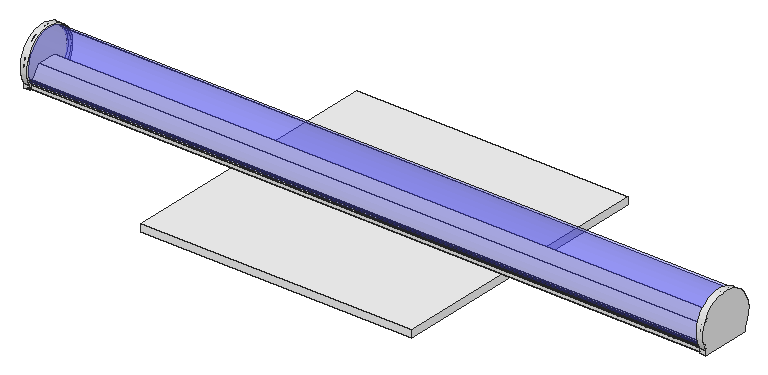
Revit family "BE_50216.2_de_DE", category Leuchten, Revit 2020
Family settings
  Basisbauteil = Fläche
  Bemaßung runder Anschluss = Durchmesser verwenden
  Teiletyp = Normal
  Beim Laden mit Abzugskörper schneiden = Ja
  Lichtquelle = Ja
  Gemeinsam genutzt = Nein
  Raumberechnungspunkt = Ja
Parameters (values of type "BEGA_50216.2_K3")
  built-in parameter 1150104 = 14.79 (stored number, unit not read)
  Wattage = 34.8 W
  Default Elevation = 0 mm
  built-in parameter 1150113 = 1 (stored number, unit not read)
  built-in parameter 1114218 = 1 (stored number, unit not read)
  Umgebungstemperatur = "25 °C"
  URL = "https://www.bega.com/de/produkt/50216.2"
  Typenkommentare = "© 2022 BEGA. Wir behalten uns das Recht vor, technische Änderungen ohne vorherige Ankündigung vorzunehmen."  # constant formula
  built-in parameter 1150134 = (empty or 0)
  built-in parameter 1150109 = 1 (stored number, unit not read)
  Strom = ""
  built-in parameter 1150110 = 1 (stored number, unit not read)
  Spannung = 239.996 V
  Sonderanfertigung = no
  Seriennummer [instance] = "Hier können Sie die eindeutige Seriennummer für das Facility Management eintragen."
  Schutzklasse = "I"
  Schutzart = "IP 20"
  Scheinlast = 0 VA
  Produktdatenblatt = "https://cdn.bega.com/bega/products/50216.2K3/current/documents/data-sheets/de"
  Oberflächentemperatur = ""
  Neigungswinkel = 0.00°
  Modell = "50216.2K3"
  Material_22 = BEGA_Oberfläche_Aluminium_matt
  Material_14 = BEGA_Kunststoff_opal
  Material_06 = BEGA_Oberfläche_Edelstahl_gebürstet
  M_W = no
  M_G = no
  M_A = no
  Logo = 0
  built-in parameter 1114217 = 1 (stored number, unit not read)
  built-in parameter 1150139 = (empty or 0)
  built-in parameter 1150105 = 440.87 (stored number, unit not read)
  built-in parameter 1150114 = 1 (stored number, unit not read)
  Lumens = 5540.16 lm
  built-in parameter 1150115 = 1 (stored number, unit not read)
  Leuchtenlichtstrom = "4760 lm"
  Leuchtenanzahl = ""
  Lebensdauerkriterien = "L70B50 @ 25 °C = 200000 h"
  Lastklassifizierung = Beleuchtung
  built-in parameter 1150112 = 1 (stored number, unit not read)
  Lampenlichtstrom = "5540 lm"
  Lampe = "LED 34.8 W"
  LED_Modulbezeichnung = "4x LED-0694/930"
  Hersteller = "BEGA"  # constant formula
  Halbstreuwinkel = ""
  Gewicht = "2.7 kg"
  Gebrauchslageneinschränkung [instance] = ""
  Frequenz = "0/50-60 Hz"
  Farbwiedergabeindex = "CRI > 90"
  Farbtemperaturverschiebung bei Dämpfen der Lampe = <Keine Auswahl>
  Farbtemperatur = "3000 K"
  Color Filter = 16777215
  built-in parameter 1150133 = 10 (stored number, unit not read)
  Energieeffizienzklasse = "LED A++ - A"
  built-in parameter 1150137 = (empty or 0)
  built-in parameter 1150132 = (empty or 0)
  ENEC = "ja"
  Dimmbar [instance] = "DALI"
  Datei für fotometrisches Netz = "BE_50216K3.IES"
  CE_Konformität = "ja"
  Bestellnummer = "50216.2K3"
  Beschreibung_Sonderanfertigung = "Hier können Sie Informationen zur Sonderanfertigung eintragen."
  Beschreibung = "Decken- und Wandleuchte"
  built-in parameter 1150106 = 4.4087 (stored number, unit not read)
  Befestigungsbohrung = "Ø 5,5 mm"
  Befestigungsabstand = "900 mm"
  Ballwurfsicher = ""
  BEGA_Intern_aus = yes
  BEGA_Intern_an = yes
  BEGA_Intern_Konstruktion = yes
  BEGA_Intern = yes
  BEGA_IES = yes
  BEGA_Dummy = no
  Anschlussleitung = ""
  Anschlussleistung [instance] = "42 W"
  Anschlusskasten = ""
  built-in parameter 1150107 = 3000 (stored number, unit not read)
  built-in parameter 1150102 = (empty or 0)
  built-in parameter 1150138 = (empty or 0)
  Aktualisierung = "2022-12-07T04:00:03"
  Abstand_zur_angestrahlten_Fläche [instance] = ""
  AC/DC = "AC/DC"
Reference planes
  plane 1 "Mitte (Vorne/Hinten)": y = 0
  plane 2: z = 0
  plane 3 "Mitte (Links/Rechts)": x = 0
  plane 4 "Links": x = -505
  plane 5 "Rechts": x = 505
  plane 6 "Unten": y = -41.921
  plane 7 "Oben": y = 41.921
  plane 8 "Vorne": z = 71.071
  plane 9 "Hinten": z = 0
Forms (mm)
  Extrusion 1, solid, material "BEGA_Platte_Weiss"
    sketch origin (0, -1119.2, 0) x (1, 0, 0) y (0, 1, 0)
      loop
        line (-200, 1319.2) -> (-200, 919.2) -> (200, 919.2) -> (200, 1319.2) -> (-200, 1319.2)
    from 0 to -10
  Extrusion 2, solid, material "BEGA_Dummy_matt", visible <- "BEGA_Dummy"
    sketch origin (80.095, -76.023, 0) x (1, 0, 0) y (0, 1, 0)
      loop
        line (-585.095, 117.944) -> (-585.095, 34.102) -> (424.905, 34.102) -> (424.905, 117.944) -> (-585.095, 117.944)
    from 0 to 71.071
Dimensions and locks
  plane 1 "Mitte (Vorne/Hinten)" to Extrusion 1 = 200 mm
  aligned and locked: plane 2 to Extrusion 1
  aligned and locked: level to Extrusion 1
Nested families
  nested 1: "BE_50216.2" at (0, 0, 0), type "BE_50216.2"
Connectors
  electrical at (0, 0, 0), driven by "Lastklassifizierung", driven by "Spannung", driven by "Scheinlast"
    settings: index 1, voltage 239.996 V, apparent load 0 VA, apparent load phase1 0 VA, apparent load phase2 0 VA, apparent load phase3 0 VA, power factor 1, load classification "Beleuchtung", number of poles 1, system type 31, power factor state 1, is connector primary yes, connector utility no, sub classification motor no, connector description ""
Definition of nested family "BE_50216.2"
  Parameters (values of type "BE_50216.2")
    Default Elevation = 1 mm
    URL = "http://www.bega.de/de/produkt"
    Type Comments = "© 2015 BEGA. Wir behalten uns das Recht vor, technische Änderungen ohne vorherige Ankündigung vorzunehmen. "  # constant formula
    Type Image = (empty or 0)
    Neigungswinkel_um_Z2 = 0.00°
    Neigungswinkel_um_Z1 = 0.00°
    Neigungswinkel_um_Y2 = 0.00°
    Neigungswinkel_um_Y1 = 0.00°
    Neigungswinkel_um_X2 = 0.00°
    Neigungswinkel_um_X1 = 0.00°
    Material_22 = none
    Material_14 = none
    Material_06 = none
    M_W = yes
    M_G = yes
    M_A = yes
    Länge_Platte = 1200 mm  # constant formula
    Höhe_Platte = -10 mm  # constant formula
    Manufacturer = "BEGA"  # constant formula
    Drehwinkel_um_Z2 = 0.00°
    Drehwinkel_um_Z1 = 0.00°
    Breite_Platte = 200 mm  # constant formula
  Reference planes
    plane 1 "Mitte (Oben/Unten)": y = 0
    plane 2: z = 0
    plane 3 "Mitte (Links/Rechts)": x = 0
    plane 4: z = 71.071
    plane 5: y = 41.921
    plane 6: y = -41.921
    plane 7: x = -505
    plane 8: x = 505
  Forms (mm)
    Extrusion 1, solid, detail levels medium
      sketch origin (0, 0, 0) x (1, 0, 0) y (0, 1, 0)
        loop
          line (-600, 100) -> (-600, -100) -> (600, -100) -> (600, 100) -> (-600, 100)
      from 0 to -10 <- "Höhe_Platte"
    Extrusion 2, solid, material <- "Material_22", detail levels medium+fine
      sketch origin (0, 0, 0) x (0, 1, 0) y (0, 0, 1)
        loop
          line (29.5, 1.05) -> (33.5, 1.05)
          arc (33.5, 1.05) -> (33.854, 1.196) -> (34, 1.55) r 0.5
          line (34, 1.55) -> (34.005, 6.55)
          arc (34.005, 6.55) -> (33.854, 6.904) -> (33.5, 7.05) r 0.5
          line (33.5, 7.05) -> (26.25, 7.05) -> (26.25, 9.05) -> (14.75, 25.75) -> (-14.75, 25.75) -> (-26.25, 9.05) -> (-26.25, 7.05) -> (-33.5, 7.05)
          arc (-33.5, 7.05) -> (-33.854, 6.904) -> (-34, 6.55) r 0.5
          line (-34, 6.55) -> (-34.005, 1.55)
          arc (-34.005, 1.55) -> (-33.854, 1.196) -> (-33.5, 1.05) r 0.5
          line (-33.5, 1.05) -> (-29.5, 1.05)
          arc (-29.5, 1.05) -> (-29.146, 1.196) -> (-29, 1.55) r 0.5
          line (-29, 1.55) -> (-29, 3.75) -> (-15.25, 3.75) -> (-15.25, 17.45) -> (15.25, 17.45) -> (15.25, 3.75) -> (29, 3.75) -> (29, 1.55)
          arc (29, 1.55) -> (29.146, 1.196) -> (29.5, 1.05) r 0.5
      from -500.696 to 500.696
    Extrusion 3, solid, material <- "Material_22", detail levels medium+fine
      sketch origin (0, 0, 0) x (0, 1, 0) y (0, 0, 1)
        loop
          line (35.921, 1.279) -> (35.921, 7.539)
          arc (35.921, 7.539) -> (0, 71.071) -> (-35.921, 7.539) r 41.921
          line (-35.921, 7.539) -> (-35.921, 1.281) -> (35.921, 1.279)
      from 495.197 to 505
    Extrusion 4, solid, material <- "Material_22", detail levels medium+fine
      sketch origin (-200, 0, 0) x (0, 1, 0) y (0, 0, -1)
        loop
          line (35.921, -1.279) -> (-35.921, -1.281) -> (-35.921, -7.539)
          arc (-35.921, -7.539) -> (0, -71.071) -> (35.921, -7.539) r 41.921
          line (35.921, -7.539) -> (35.921, -1.279)
      from 295.131 to 305
    Extrusion 5, void
      sketch origin (-200, 0, 0) x (0, 1, 0) y (0, 0, -1)
        loop
          line (34.005, 0) -> (-34.005, 0) -> (-34.005, -8.308)
          arc (-34.005, -8.308) -> (0, -69.951) -> (34.005, -8.308) r 40.201
          line (34.005, -8.308) -> (34.005, 0)
      from 293.13 to 300.697
    Extrusion 6, solid, material <- "Material_14", detail levels medium+fine
      sketch origin (0, 0, 0) x (0, 1, 0) y (0, 0, 1)
        loop
          arc (-34.253, 8.991) -> (-33.161, 7.935) -> (-31.69, 7.55) r 3
          line (-31.69, 7.55) -> (-28.25, 7.55)
          arc (-28.25, 7.55) -> (-27.25, 8.55) -> (-28.25, 9.55) r 1
          line (-28.25, 9.55) -> (-31.69, 9.55)
          arc (-31.69, 9.55) -> (-32.179, 9.678) -> (-32.543, 10.028) r 1
          arc (-32.543, 10.028) -> (0, 67.648) -> (32.543, 10.028) r 38
          arc (32.543, 10.028) -> (32.179, 9.678) -> (31.69, 9.55) r 1
          line (31.69, 9.55) -> (28.25, 9.55)
          arc (28.25, 9.55) -> (27.25, 8.55) -> (28.25, 7.55) r 1
          line (28.25, 7.55) -> (31.69, 7.55)
          arc (31.69, 7.55) -> (33.161, 7.935) -> (34.253, 8.991) r 3
          arc (34.253, 8.991) -> (0, 69.648) -> (-34.253, 8.991) r 40
      from -500.696 to 500.696
    Extrusion 7, solid, detail levels medium+fine
      sketch origin (0, 0, 0) x (1, 0, 0) y (0, 1, 0)
        loop
          line (463, 28.5) -> (437, 28.5)
          arc (437, 28.5) -> (435.586, 27.914) -> (435, 26.5) r 2
          line (435, 26.5) -> (435, -26.5)
          arc (435, -26.5) -> (435.586, -27.914) -> (437, -28.5) r 2
          line (437, -28.5) -> (463, -28.5)
          arc (463, -28.5) -> (464.414, -27.914) -> (465, -26.5) r 2
          line (465, -26.5) -> (465, 26.5)
          arc (465, 26.5) -> (464.414, 27.914) -> (463, 28.5) r 2
        loop
          arc (-463, 28.5) -> (-464.414, 27.914) -> (-465, 26.5) r 2
          line (-465, 26.5) -> (-465, -26.5)
          arc (-465, -26.5) -> (-464.414, -27.914) -> (-463, -28.5) r 2
          line (-463, -28.5) -> (-437, -28.5)
          arc (-437, -28.5) -> (-435.586, -27.914) -> (-435, -26.5) r 2
          line (-435, -26.5) -> (-435, 26.5)
          arc (-435, 26.5) -> (-435.586, 27.914) -> (-437, 28.5) r 2
          line (-437, 28.5) -> (-463, 28.5)
      from 1.55 to 5
    Extrusion 8, solid, detail levels medium+fine
      sketch origin (0, 0, 0) x (1, 0, 0) y (0, 1, 0)
        loop
          circle (-460.5, 24) r 2
        loop
          circle (-460.5, -24) r 2
        loop
          circle (-439.5, -24) r 2
        loop
          circle (-439.5, 24) r 2
        loop
          circle (439.5, 24) r 2
        loop
          circle (439.5, -24) r 2
        loop
          circle (460.5, -24) r 2
        loop
          circle (460.5, 24) r 2
      from 0 to 3.55
    Extrusion 9, void
      sketch origin (0, 0, 0) x (1, 0, 0) y (0, 1, 0)
        loop
          arc (452.75, 3.25) -> (450, 6) -> (447.25, 3.25) r 2.75
          line (447.25, 3.25) -> (447.25, -3.25)
          arc (447.25, -3.25) -> (450, -6) -> (452.75, -3.25) r 2.75
          line (452.75, -3.25) -> (452.75, 3.25)
        loop
          arc (-446.75, -2.75) -> (-444, 0) -> (-446.75, 2.75) r 2.75
          line (-446.75, 2.75) -> (-453.25, 2.75)
          arc (-453.25, 2.75) -> (-456, 0) -> (-453.25, -2.75) r 2.75
          line (-453.25, -2.75) -> (-446.75, -2.75)
      from 0 to 7
    Revolve 10, void
      sketch origin (0, 0, 0) x (1, 0, 0) y (0, 0, 1)
        loop
          line (-501.9, 32.745) -> (-505.336, 36.181) -> (-505.336, 29.75) -> (-501.9, 29.75) -> (-501.9, 32.745)
        axis (-501.9, 29.75) -> (-505.336, 29.75)
      angle from 0 to 360
    Revolve 11, solid, material <- "Material_06", detail levels fine
      sketch origin (0, 0, 0) x (1, 0, 0) y (0, 0, 1)
        loop
          line (-504.671, 29.75) -> (-501.9, 29.75) -> (-501.9, 32.329) -> (-504.671, 35.1) -> (-504.671, 29.75)
        axis (-501.9, 29.75) -> (-504.671, 29.75)
      angle from 0 to 360
    Extrusion 12, void
      sketch origin (200, 0, 0) x (0, 1, 0) y (0, 0, 1)
        loop
          line (34.005, 0) -> (34.005, 8.308)
          arc (34.005, 8.308) -> (0, 69.951) -> (-34.005, 8.308) r 40.201
          line (-34.005, 8.308) -> (-34.005, 0) -> (34.005, 0)
      from 293.13 to 300.697
  Cuts and joins
    Extrusion 5, Extrusion 12 cuts Extrusion 3
    Extrusion 5, Revolve 10, Extrusion 12 cuts Extrusion 4
    joined: Extrusion 3, Extrusion 4
    Extrusion 9 cuts Extrusion 7
    Extrusion 9 cuts Extrusion 8
    joined: Extrusion 7, Extrusion 8
    Extrusion 9, Revolve 10 cuts Extrusion 2
    Extrusion 9 cuts Extrusion 6
  Dimensions and locks
    equal spacing: Extrusion 1 sketch curve, plane 3 "Mitte (Links/Rechts)", Extrusion 1 sketch curve
    equal spacing: Extrusion 1 sketch curve, plane 1 "Mitte (Oben/Unten)", Extrusion 1 sketch curve
    "Länge_Platte": Extrusion 1 sketch curve to Extrusion 1 sketch curve
    "Breite_Platte": Extrusion 1 sketch curve to Extrusion 1 sketch curve
    aligned and locked: Extrusion 1 to plane 2
    aligned and locked: level to Extrusion 1
  Automatic sketch dimensions
    level to Extrusion 2 sketch curve = 1.55 mm  (x2)
    Extrusion 2 sketch curve to plane 6 = 8.421 mm
    Extrusion 2 sketch curve to Extrusion 2 sketch curve = 0 mm  (x5)
    level to Extrusion 2 sketch curve = 1.05 mm
    Extrusion 2 sketch curve to Extrusion 2 sketch curve = 4 mm  (x2)
    Extrusion 2 sketch curve to Extrusion 2 sketch curve = 0.5 mm  (x6)
    Extrusion 2 sketch curve to Extrusion 2 sketch curve = 2.75 mm  (x2)
    Extrusion 2 sketch curve to Extrusion 2 sketch curve = 11 mm  (x2)
    Extrusion 2 sketch curve to plane 1 "Mitte (Oben/Unten)" = 14.75 mm
    Extrusion 2 sketch curve to Extrusion 2 sketch curve = 4.5 mm
    Extrusion 2 sketch curve to Extrusion 2 sketch curve = 2.2 mm  (x2)
    Extrusion 2 sketch curve to Extrusion 2 sketch curve = 5 mm  (x2)
    Extrusion 2 sketch curve to Extrusion 2 sketch curve = 3.3 mm
    Extrusion 2 sketch curve to Extrusion 2 sketch curve = 2 mm  (x2)
    Extrusion 2 sketch curve to Extrusion 2 sketch curve = 13.7 mm
    Extrusion 2 sketch curve to Extrusion 2 sketch curve = 8.3 mm
    Extrusion 2 sketch curve to Extrusion 2 sketch curve = 0.005 mm  (x2)
    Extrusion 3 sketch curve to plane 1 "Mitte (Oben/Unten)" = 0 mm
    level to Extrusion 3 sketch curve = 1.281 mm
    Extrusion 3 sketch curve to plane 6 = 6 mm
    level to Extrusion 3 sketch curve = 1.279 mm
    Extrusion 3 sketch curve to plane 5 = 6 mm
    Extrusion 3 sketch curve to Extrusion 3 sketch curve = 6.26 mm
    level to Extrusion 3 sketch curve = 29.15 mm
    Extrusion 4 sketch curve to plane 1 "Mitte (Oben/Unten)" = 0 mm
    level to Extrusion 4 sketch curve = 1.281 mm
    Extrusion 4 sketch curve to plane 6 = 6 mm
    level to Extrusion 4 sketch curve = 1.279 mm
    Extrusion 4 sketch curve to plane 5 = 6 mm
    Extrusion 4 sketch curve to Extrusion 4 sketch curve = 6.26 mm
    level to Extrusion 4 sketch curve = 29.15 mm
    Extrusion 5 sketch curve to level = 0 mm
    Extrusion 5 sketch curve to plane 1 "Mitte (Oben/Unten)" = 0 mm
    Extrusion 5 sketch curve to plane 6 = 7.916 mm
    Extrusion 5 sketch curve to plane 5 = 7.916 mm
    Extrusion 5 sketch curve to Extrusion 5 sketch curve = 8.308 mm
    level to Extrusion 5 sketch curve = 29.75 mm
    Extrusion 6 sketch curve to Extrusion 6 sketch curve = 0 mm  (x6)
    Extrusion 6 sketch curve to plane 1 "Mitte (Oben/Unten)" = 0 mm
    Extrusion 6 sketch curve to plane 6 = 13.671 mm
    Extrusion 6 sketch curve to Extrusion 6 sketch curve = 3.44 mm  (x2)
    level to Extrusion 6 sketch curve = 8.55 mm  (x2)
    Extrusion 6 sketch curve to plane 5 = 13.671 mm
    Extrusion 6 sketch curve to Extrusion 6 sketch curve = 1 mm  (x4)
    level to Extrusion 6 sketch curve = 29.648 mm
    Extrusion 6 sketch curve to Extrusion 6 sketch curve = 0.853 mm
    Extrusion 6 sketch curve to Extrusion 6 sketch curve = 1.71 mm
    plane 1 "Mitte (Oben/Unten)" to Extrusion 9 sketch curve = 0 mm
    Extrusion 9 sketch curve to plane 1 "Mitte (Oben/Unten)" = 2.75 mm
    Extrusion 9 sketch curve to Extrusion 9 sketch curve = 6.5 mm
    plane 1 "Mitte (Oben/Unten)" to Extrusion 9 sketch curve = 3.25 mm
    Extrusion 9 sketch curve to Extrusion 9 sketch curve = 2.75 mm
    Extrusion 9 sketch curve to plane 1 "Mitte (Oben/Unten)" = 3.25 mm
    Extrusion 12 sketch curve to level = 0 mm
    Extrusion 12 sketch curve to plane 1 "Mitte (Oben/Unten)" = 0 mm
    Extrusion 12 sketch curve to plane 6 = 7.916 mm
    Extrusion 12 sketch curve to plane 5 = 7.916 mm
    Extrusion 12 sketch curve to Extrusion 12 sketch curve = 8.308 mm
    level to Extrusion 12 sketch curve = 29.75 mm
    Extrusion 7 sketch curve to plane 5 = 15.421 mm  (x2)
    Extrusion 7 sketch curve to Extrusion 7 sketch curve = 2 mm  (x6)
    Extrusion 7 sketch curve to plane 6 = 13.421 mm
    Extrusion 7 sketch curve to Extrusion 7 sketch curve = 26 mm  (x4)
    Extrusion 7 sketch curve to plane 6 = 15.421 mm
    Extrusion 8 sketch curve to plane 6 = 17.921 mm  (x4)
    Extrusion 8 sketch curve to plane 5 = 17.921 mm  (x4)
    Extrusion 8 sketch curve to Extrusion 8 sketch curve = 0 mm  (x2)
    Extrusion 8 sketch curve to Extrusion 8 sketch curve = 21 mm  (x4)
    level to Revolve 11 sketch curve = 35.1 mm
    Revolve 11 sketch curve to Revolve 11 sketch curve = 2.771 mm  (x2)
    Revolve 11 sketch curve to Revolve 11 sketch curve = 2.579 mm
    Revolve 11 sketch curve to Revolve 11 sketch curve = 2.103 mm
    Revolve 11 sketch curve to Revolve 11 sketch curve = 0 mm  (x2)
    plane 4 to Revolve 10 sketch curve = 34.89 mm
    Revolve 10 sketch curve to Revolve 10 sketch curve = 3.436 mm  (x2)
    Revolve 10 sketch curve to Revolve 10 sketch curve = 2.995 mm
    Revolve 10 sketch curve to Revolve 10 sketch curve = 0.405 mm
    Revolve 10 sketch curve to Revolve 10 sketch curve = 0.92 mm
    Revolve 10 sketch curve to Revolve 10 sketch curve = 0 mm
    plane 8 to Extrusion 7 sketch curve = 70 mm
    plane 8 to Extrusion 8 sketch curve = 65.5 mm
    plane 8 to Extrusion 9 sketch curve = 57.75 mm
    plane 7 to Extrusion 7 sketch curve = 70 mm
    plane 7 to Extrusion 8 sketch curve = 65.5 mm
    plane 7 to Extrusion 9 sketch curve = 58.25 mm
    Revolve 10 sketch curve to plane 7 = 0.336 mm
    plane 7 to Revolve 11 sketch curve = 0.329 mm
    radius of Extrusion 8 sketch curve = 2 mm  (x8)
